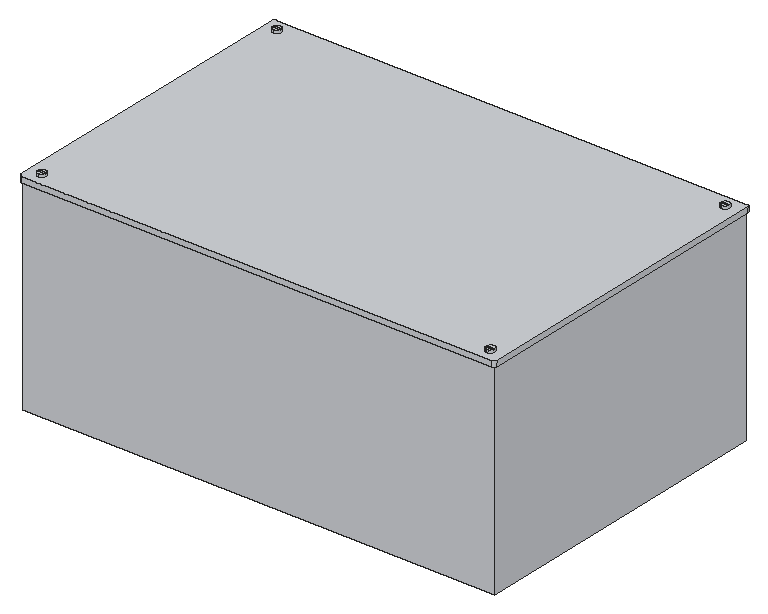
Revit family "AB18G", category Generic Models, Revit 2017
Family settings
  Can host rebar = No
  Round Connector Dimension = Use Diameter
  Part Type = Normal
  Work Plane-Based = Yes
  Always vertical = No
  Cut with Voids When Loaded = No
  Shared = No
  Room Calculation Point = No
Parameters (values of type "NBS Standard Parameters")
  Weight = "1.33Kg"
  WarrantyStartDate [instance] = "1900-12-31T23:59:59"
  WarrantyGuarantorParts = "n/a"
  WarrantyGuarantorLabor = "n/a"
  WarrantyDurationUnit = "1 year"
  WarrantyDurationParts = "n/a"
  WarrantyDurationLabor = "n/a"
  WarrantyDescription = "n/a"
  Version = "1"
  Uniclass2 = "Pr_65_52_01_86"
  TagNumber [instance] = "n/a"
  SustainabilityPerformance = "n/a"
  Size = "225 X 150 X 100mm ( 9 X 6 X 4\")"
  Shape = "Rectangular"
  SerialNumber [instance] = "n/a"
  Revision = "n/a"
  ReplacementCost = "n/a"
  ProductInformation = "www.metpro.co.uk/pdf/ab18g.pdf"
  NominalWidth = 225 mm
  NominalLength = 150 mm
  NominalHeight = 100 mm
  Name = ""
  NBSTypeID = ""
  NBSReference = "45-35-00/340"
  NBSOfficeMasterTag = ""
  NBSNote = ""
  NBSDescription = "Surface Boxes"
  NBSCertification = ""
  ModelReference = "AB18G"
  ModelNumber = "n/a"
  Material = "Galvanised Steel Sheet"
  ManufacturerURL = "www.metpro.co.uk"
  ManufacturerName = "Metpro Ltd"
  Keynote = "Compliant to LU standard 1-085"
  InstallationDate [instance] = "1900-12-31T23:59:59"
  IfcExportType = ""
  IfcExportAs = ""
  Grade = "n/a"
  Finish = "Pre Galvanised Sheet Steel"
  Features = "n/a"
  ExpectedLife = "n/a"
  DurationUnit = "year"
  Description = "AB18G - 225 X 150 X 100mm ( 9 X 6 X 4\") Adaptable Box  - Plain"
  Default Elevation = 1219.2 mm
  Constituents = "n/a"
  Color = "n/a"
  CodePerformance = "n/a"
  Category = "n/a"
  BarCode [instance] = "n/a"
  BIMObjectName = "Metpro_metprolibrary_surfacebox_Adaptableboxes_plainsided"
  Author = "Metpro Ltd"
  AssetType = ""
  AssetIdentifier [instance] = "n/a"
  AccessibilityPerformance = "n/a"
Reference planes
  plane 1 "Center (Front/Back)": y = 0
  plane 2: z = 0
  plane 3 "Center (Left/Right)": x = 0
Forms (mm)
  Extrusion 1, solid
    sketch origin (17.964, -291.881, 142.855) x (0, -1, 0) y (1, 0, 0)
      loop
        line (-2.199, -230) -> (-2.199, -5) -> (-152.199, -5) -> (-152.199, -230) -> (-2.199, -230)
    from -25.139 to 72.5
  Extrusion 2, solid
    sketch origin (17.964, -291.881, 215.355) x (0, -1, 0) y (1, 0, 0)
      loop
        line (-151.75, -231) -> (-2.599, -231)
        arc (-2.599, -231) -> (-1.609, -230.59) -> (-1.199, -229.6) r 1.4
        line (-1.199, -229.6) -> (-1.199, -5.4)
        arc (-1.199, -5.4) -> (-1.609, -4.41) -> (-2.599, -4) r 1.4
        line (-2.599, -4) -> (-151.799, -4)
        arc (-151.799, -4) -> (-152.789, -4.41) -> (-153.199, -5.4) r 1.4
        line (-153.199, -5.4) -> (-153.199, -229.551)
        arc (-153.199, -229.551) -> (-152.774, -230.576) -> (-151.75, -231) r 1.449
    from 0 to 2.5
  Extrusion 3, solid
    sketch origin (17.964, -291.881, 217.855) x (0, -1, 0) y (1, 0, 0)
      loop
        circle (-147.199, -224.75) r 2
      loop
        circle (-7.199, -224.75) r 2
      loop
        circle (-147.199, -11) r 2
      loop
        circle (-7.199, -11) r 2
    from 0 to 1
  Extrusion 4, void
    sketch origin (17.964, -291.881, 218.855) x (1, 0, 0) y (0, -1, 0)
      loop
        line (-230, -146.644) -> (-230, -147.685) -> (-216.945, -147.685) -> (-216.945, -146.644) -> (-230, -146.644)
      loop
        line (-230, -6.678) -> (-230, -7.678) -> (-216.945, -7.678) -> (-216.945, -6.678) -> (-230, -6.678)
      loop
        line (-16, -146.826) -> (-16, -147.661) -> (-6.823, -147.661) -> (-6.823, -146.826) -> (-16, -146.826)
      loop
        line (-16, -6.516) -> (-16, -7.511) -> (-5.123, -7.511) -> (-5.123, -6.516) -> (-16, -6.516)
    from 0 to 0.5
Cuts and joins
  Extrusion 4 cuts Extrusion 3
Dimensions and locks
  aligned and locked: level to plane 2
